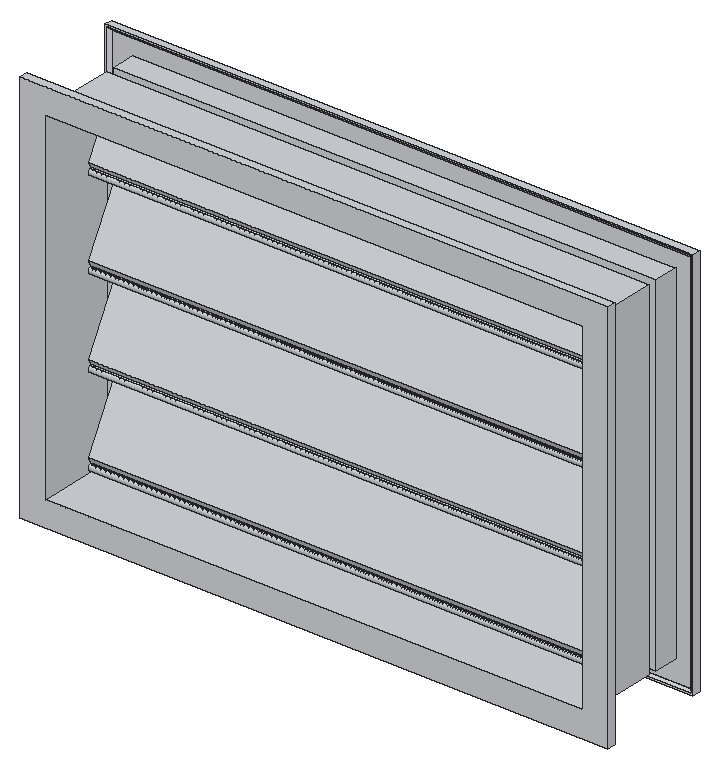
Revit family
Parameters (values of type "Holyoake_BackDraftDamper_BDE_DuctFlange_Standalone")
  URL = "http://www.productspec.net/products/24357/holyoake-industries-ltd/back-draft-damper-bde.aspx"
  Type Comments = "Back Draft Damper"  # constant formula
  Top Blade Height [instance] = Air Stream Height - Blade Cut Setout - 16.00 mm  # 62.91 mm
  Single Blade [instance] = Blade Count < 2  # no
  Multiple Blades [instance] = not(Single Blade)  # yes
  Model = "BDE Duct Flange"  # constant formula
  Manufacturer = "Holyoake Industries Ltd"  # constant formula
  Exact Overall Flange Width [instance] = Air Stream Width + Duct Flange Width * 2  # 580.00 mm
  Exact Overall Flange Height [instance] = Air Stream Height + Duct Flange Width * 2  # 390.00 mm
  Engineering Data [instance] = "http://www.productspec.net/nas/TechnicalFiles/2367/p24357/H15-H17%20BDE.pdf"
  Duct Flange Width = 25.00 mm  # constant formula
  Desired Air Stream Width [instance] = 530.00 mm
  Desired Air Stream Height [instance] = 340.00 mm
  Damper Depth = 113.00 mm  # constant formula
  Damper [instance] = none
  Created By = "Productspec Ltd"  # constant formula
  Blade Pitch [instance] = 87.03 mm  # constant formula
  Blade Number [instance] = if(Blade Count < 2, 2, Blade Count)  # 3
  Blade Length [instance] = Air Stream Width - 16.00 mm  # 514.00 mm
  Blade Cut Setout [instance] = Blade Count * Blade Pitch  # 261.09 mm
  Blade Count [instance] = Blade Array Number - 1  # 3
  Blade Array Number [instance] = (Exact Overall Flange Height - Duct Flange Width * 2) / Blade Pitch  # 4
  Author = "DZZ"  # constant formula
  Assembly Code = ""
  Air Stream Width [instance] = if(Desired Air Stream Width < 150.00 mm, 150.00 mm, if(Desired Air Stream Width > 1000.00 mm, 1000.00 mm, Desired Air Stream Width))  # 530.00 mm
  Air Stream Height [instance] = if(Desired Air Stream Height < 150.00 mm, 150.00 mm, if(Desired Air Stream Height > 1140.00 mm, 1140.00 mm, Desired Air Stream Height))  # 340.00 mm
Reference planes
  plane 1 "Center (Front/Back)": y = 0
  plane 2: z = 0
  plane 3 "Center (Left/Right)": x = 0
  plane 4: x = -265
  plane 5: x = 265
  plane 6: x = -290
  plane 7: x = 290
  plane 8: x = -257
  plane 9: x = 257
  plane 10: z = 390
  plane 11: y = 113
  plane 12: z = 25
  plane 13: z = 365
  plane 14: z = 33
  plane 15: z = 357
  plane 16: z = 120.03
  plane 17: z = 294.09
Forms (mm)
  Sweep 1, solid, material <- "Damper", detail levels medium+fine
    path origin (0, 0, 0) x (1, 0, 0) y (0, 0, 1)
      loop
        line (-290, 390) -> (-290, 0) -> (290, 0) -> (290, 390) -> (-290, 390)
    profile "Holyoake_DraftDamper_BDE_DuctFlange_profile : BDE Duct Flange Profile" origin (-290, 0, 195) x (1, 0, 0) y (0, -1, 0)
      loop
        line (25, -113) -> (25, -89.5) -> (33, -89.5) -> (33, -76.25) -> (25, -76.25) -> (25, 0) -> (0, 0) -> (0, -8) -> (1.6, -8) -> (4.1, -5.5) -> (1.6, -5.5) -> (1.6, -1.6) -> (22.5, -1.6) -> (22.5, -78.75) -> (30.5, -78.75) -> (30.5, -87) -> (22.5, -87) -> (22.5, -111.4) -> (1.6, -111.4) -> (1.6, -107.5) -> (4.1, -107.5) -> (1.6, -105) -> (0, -105) -> (0, -113) -> (25, -113)
  Extrusion 2, solid, material <- "Damper", detail levels coarse+medium
    sketch origin (0, 0, 0) x (1, 0, 0) y (0, 0, 1)
      loop
        line (-265, 365) -> (-265, 25) -> (265, 25) -> (265, 365) -> (-265, 365)
    from -113 to 0
Dimensions and locks
  locked: plane 4 to plane 8 at 8
  "Duct Flange Width": plane 6 to plane 4
  "Blade Length": plane 8 to plane 9
  "Air Stream Width": plane 4 to plane 5
  "Exact Overall Flange Width": plane 6 to plane 7
  "Damper Depth": plane 1 "Center (Front/Back)" to plane 11
  "Duct Flange Width": plane 12 to plane 2
  locked: plane 14 to plane 12 at 8
  locked: plane 13 to plane 15 at 8
  "Blade Pitch": plane 16 to plane 14
  "Air Stream Height": plane 13 to plane 12
  "Exact Overall Flange Height": plane 10 to plane 2
  equal spacing: group 1, group 2, group 3  (x3)
  "Blade Cut Setout": plane 17 to plane 14
  equal spacing: plane 8, plane 3 "Center (Left/Right)", plane 9
  aligned and locked: Sweep 1 sketch curve to plane 6
  aligned and locked: plane 10 to Sweep 1 sketch curve
  aligned and locked: Sweep 1 sketch curve to plane 2
  aligned and locked: plane 7 to Sweep 1 sketch curve
  aligned: plane 3 "Center (Left/Right)" to nested 1
  aligned and locked: nested 1 to plane 3 "Center (Left/Right)"
  aligned and locked: plane 14 to nested 1
  aligned and locked: Sweep 1 to nested 1
  aligned and locked: plane 16 to nested 2
  aligned and locked: Sweep 1 to nested 2
  aligned and locked: nested 2 to plane 3 "Center (Left/Right)"
  aligned and locked: nested 1 to nested 2
  aligned and locked: nested 3 to plane 3 "Center (Left/Right)"
  aligned and locked: plane 14 to nested 3
  aligned and locked: Sweep 1 to nested 3
  aligned: plane 3 "Center (Left/Right)" to nested 4
  aligned and locked: plane 17 to nested 4
  aligned and locked: Sweep 1 to Extrusion 2 sketch curve
  aligned and locked: Extrusion 2 sketch curve to Sweep 1  (x3)
  aligned and locked: Sweep 1 to Extrusion 2
  aligned and locked: plane 1 "Center (Front/Back)" to Extrusion 2
  aligned and locked: nested 4 to plane 3 "Center (Left/Right)"  (x5)
Nested families
  nested 1: "Holyoake_BackDraftDamper_BDE_Blade" at (0, 43, 33) x (-1, 0, 0) z (0, 0, 1), visible <- "Multiple Blades", type "Holyoake_BackDraftDamper_BDE_Blade"
    with Length 514.00 mm
  nested 2: "Holyoake_BackDraftDamper_BDE_Blade" at (0, 43, 120.03) x (-1, 0, 0) z (0, 0, 1), visible <- "Multiple Blades", type "Holyoake_BackDraftDamper_BDE_Blade"
    with Length 514.00 mm
  nested 3: "Holyoake_BackDraftDamper_BDE_Blade" at (0, 43, 33) x (-1, 0, 0) z (0, 0, 1), visible <- "Single Blade", type "Holyoake_BackDraftDamper_BDE_Blade"
    with Length 514.00 mm
  nested 4: "Holyoake_BackDraftDamper_BDE_BladewithVoid" at (0, 43, 294.09) x (-1, 0, 0) z (0, 0, 1), type "Holyoake_BackDraftDamper_BDE_BladewithVoid"
    with Length 514.00 mm, Blade Cut Setout 62.91 mm
  nested 5: "Holyoake_BackDraftDamper_BDE_Blade" at (0, 43, 207.06) x (-1, 0, 0) z (0, 0, 1), visible <- "Multiple Blades", type "Holyoake_BackDraftDamper_BDE_Blade"
    with Length 514.00 mm
Connectors
  hvac at (0, 0, 195), driven by "Exact Overall Flange Height", driven by "Exact Overall Flange Width"
    settings: on Sweep 1, index 1
  hvac at (0, 113, 195), driven by "Exact Overall Flange Height", driven by "Exact Overall Flange Width"
    settings: on Sweep 1, index 2
Definition of nested family "Holyoake_BackDraftDamper_BDE_Blade"
  Parameters (values of type "Holyoake_BackDraftDamper_BDE_Blade")
    Ownership = "Holyoake Industries Ltd"
    Model = "BDE Blade"
    Manufacturer = "Holyoake Industries Ltd"
    Length = 500.00 mm
    Description = ""
    Created By = "Productspec Ltd"
    Blade = Aluminium
    Author = "Zinder Zhao"
    Assembly Code = ""
  Reference planes
    plane 1 "Left": y = 0
    plane 2: z = 0
    plane 3 "Center (Left/Right)": x = 0
    plane 4: x = -250
    plane 5: x = 250
    plane 6 "Right": y = -62
  Forms (mm)
    Sweep 1, solid, material "Aluminium" <- "Blade", detail levels fine
      path origin (0, 0, 0) x (1, 0, 0) y (0, 1, 0)
        loop
          line (-250, 0) -> (250, 0)
      profile "Holyoake_DraftDamper_BDE_Blade_profile : BDE Blade Profile" origin (0, 0, 0) x (0, 1, 0) y (0, 0, 1)
        loop
          line (-3.041, 7.396) -> (0, 12.663) -> (-33.205, 70.173) -> (-50.641, 70.173) -> (-60.373, 87.03) -> (-61.99, 87.03) -> (-51.449, 68.773) -> (-34.013, 68.773) -> (-1.617, 12.662) -> (-6.261, 4.616)
          arc (-6.261, 4.616) -> (-6.657, 3.08) -> (-6.241, 1.55) r 3.1
          line (-6.241, 1.55) -> (-5.138, 2.476)
          arc (-5.138, 2.476) -> (-2.348, 4.295) -> (-4.199, 1.526) r 1.7
          line (-4.199, 1.526) -> (-4.728, 0.23)
          arc (-4.728, 0.23) -> (-0.635, 2.063) -> (-2.656, 6.066) r 3.1
          arc (-2.656, 6.066) -> (-3.115, 6.654) -> (-3.041, 7.396) r 1.001
  Dimensions and locks
    "Length": plane 4 to plane 5
    equal spacing: plane 4, plane 3 "Center (Left/Right)", plane 5
    aligned and locked: Sweep 1 to plane 4
    aligned and locked: Sweep 1 to plane 5
  Automatic sketch dimensions
    Sweep 1 sketch curve to plane 1 "Left" = 0.00 mm
    Sweep 1 sketch curve to plane 4 = 0.00 mm
    Sweep 1 sketch curve to plane 5 = 0.00 mm
Definition of nested family "Holyoake_BackDraftDamper_BDE_BladewithVoid"
  Parameters (values of type "Holyoake_BackDraftDamper_BDE_BladewithVoid")
    Ownership = "Holyoake Industries Ltd"
    Model = "BDE Cutted Blade"
    Manufacturer = "Holyoake Industries Ltd"
    Length = 500.00 mm
    Height = 87.00 mm
    Description = ""
    Created By = "Productspec Ltd"
    Blade Cut Setout = 40.00 mm
    Blade = Aluminium
    Author = "Zinder Zhao"
    Assembly Code = ""
  Reference planes
    plane 1 "Left": y = 0
    plane 2: z = 0
    plane 3 "Center (Left/Right)": x = 0
    plane 4: x = -250
    plane 5: x = 250
    plane 6: z = 87
    plane 7: z = 40
    plane 8 "Right": y = -62
  Forms (mm)
    Sweep 1, solid, material "Aluminium" <- "Blade", detail levels fine
      path origin (0, 0, 0) x (1, 0, 0) y (0, 1, 0)
        loop
          line (-250, 0) -> (250, 0)
      profile "Holyoake_DraftDamper_BDE_Blade_profile : BDE Blade Profile" origin (0, 0, 0) x (0, 1, 0) y (0, 0, 1)
        loop
          line (-3.041, 7.396) -> (0, 12.663) -> (-33.205, 70.173) -> (-50.641, 70.173) -> (-60.373, 87.03) -> (-61.99, 87.03) -> (-51.449, 68.773) -> (-34.013, 68.773) -> (-1.617, 12.662) -> (-6.261, 4.616)
          arc (-6.261, 4.616) -> (-6.657, 3.08) -> (-6.241, 1.55) r 3.1
          line (-6.241, 1.55) -> (-5.138, 2.476)
          arc (-5.138, 2.476) -> (-2.348, 4.295) -> (-4.199, 1.526) r 1.7
          line (-4.199, 1.526) -> (-4.728, 0.23)
          arc (-4.728, 0.23) -> (-0.635, 2.063) -> (-2.656, 6.066) r 3.1
          arc (-2.656, 6.066) -> (-3.115, 6.654) -> (-3.041, 7.396) r 1.001
    Extrusion 2, void
      sketch origin (0, 0, 0) x (0, 1, 0) y (0, 0, 1)
        loop
          line (-62, 87.03) -> (-62, 40) -> (0, 40) -> (0, 87.03) -> (-62, 87.03)
      from -250 to 250
  Cuts and joins
    Extrusion 2 cuts Sweep 1
  Dimensions and locks
    "Length": plane 4 to plane 5
    equal spacing: plane 4, plane 3 "Center (Left/Right)", plane 5
    "Height": plane 6 to level
    "Blade Cut Setout": plane 7 to level
    aligned and locked: Sweep 1 to plane 4
    aligned and locked: Sweep 1 to plane 5
    aligned and locked: level to plane 2
    aligned and locked: plane 4 to Extrusion 2
    aligned and locked: Extrusion 2 to plane 5
    aligned and locked: Extrusion 2 to plane 1 "Left"
    aligned and locked: Extrusion 2 to Sweep 1
    aligned and locked: Extrusion 2 to plane 8 "Right"
    aligned and locked: Extrusion 2 to plane 7
  Automatic sketch dimensions
    Sweep 1 sketch curve to plane 1 "Left" = 0.00 mm
    Sweep 1 sketch curve to plane 4 = 0.00 mm
    Sweep 1 sketch curve to plane 5 = 0.00 mm
    plane 1 "Left" to Extrusion 2 sketch curve = 62.00 mm
    plane 7 to Extrusion 2 sketch curve = 0.00 mm
    plane 6 to Extrusion 2 sketch curve = 0.03 mm
    plane 1 "Left" to Extrusion 2 sketch curve = 0.00 mm
